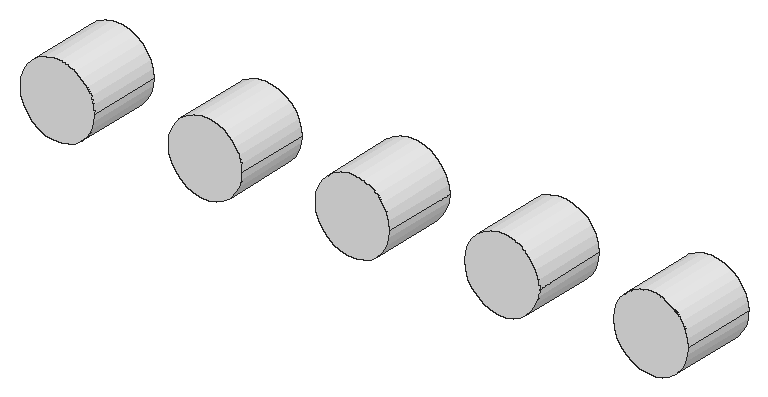
Revit family "New Dritta 90_95800", category Equipamento especial, Revit 2016
Family settings
  Hospedeiro = Parede
  Tipo de parte = Normal
  Cota do conector redondo = Utilizar diâmetro
  Número OmniClass = 23.40.40.14.17.11
  Título OmniClass = Cookers, Ovens, Stoves
  Sempre na vertical = Sim
  Corte com vazios quando carregados = Não
  Compartilhado = Não
  Ponto de cálculo do ambiente = Não
Parameters (values of type "220 Volts")
  Vazão Máxima = "620 m³/h - cfe. Norma IEC 61591"
  URL = "www.tramontina.com.br"
  Tensão = 220 V
  Site do Desenvolvedor = "www.factorycursos.com.br"
  Segmento = "Residencial"
  Produto = "Coifa New Dritta 90"
  Potência do Motor = 220 W
  Potência Elétrica = 225 W
  Peso Líquido (Kg) = 16.7
  Peso Bruto (Kg) = 19.8
  Nível de Ruído = "64 dB (A) - cfe. Norma EN 60704"
  Numero de Velocidades = "3"
  Modelo = "95800/004"
  Linha = "Dritta"
  Informações Complementares = ""
  Iluminação = "2 x 1,5 W - 12 V - Lâmpadas LED"
  Grau de Proteção = "IPXO"
  Frequência = 60 Hz
  Filtro de Carvao Ativado = "2"
  Filtro de Aluminio = "3"
  Fabricante = "Tramontina"
  Disjuntor Termomagnético = 10 A
  Dimensoes (mm) = "500x 900x  540-1020"
  Desenvolvedor da Biblioteca = "Factory Cursos e Desenvolvimento"
  Descrição = "Coifa New Dritta 90"
  Código da Peça = "95800/004"
  Classe da Construção = "CLASSE I"
  Atendimento ao Cliente = "http://www.tramontina.com.br/contato/telefones-enderecos"
Types (2, lengths in m): name | Tensão | Modelo | Código da Peça
  220 Volts | 220 V | "95800/004" | "95800/004"
  110 | 110 V | "95800/003" | "95800/003"
Reference planes (m)
  plane 1 "Wall": y = 0
  plane 2 "Center (Left/Right)": x = 0
  plane 3 "Back": y = 0.075
  plane 4: y = 0.075
  plane 5 "Bottons": y = 0.575
Forms (m)
  Extrusion 1, solid, material "Tramontina Aço Escovado Claro"
    sketch origin (-0.004002, 0.583, 1.476223) x (-1, 0, 0) y (0, 0, 1)
      loop
        circle (0.027856, 0.00017) r 0.004
      loop
        circle (0.011933, 0.00017) r 0.003973
      loop
        circle (-0.003952, 0.00017) r 0.004012
      loop
        circle (-0.020055, 0.00017) r 0.004
      loop
        circle (-0.036136, 0.00017) r 0.004031
    from 0 to -0.008
Text (m)
  text "Placement side" at (-1.820995, 1.116779, 0), in view "Planta Baixa"
  text "Placement side" at (0, 1.334055, 2.976191), in view "Vista Lateral Direita"
  text "Placement side" at (0, 0.439194, 2.944362), in view "Vista Lateral Esquerda"
Dimensions and locks (m)
  locked: plane 3 "Back" to host wall
  aligned and locked: host wall to plane 1 "Wall"
  aligned and locked: plane 3 "Back" to import instance
  aligned and locked: import instance to plane 5 "Bottons"
